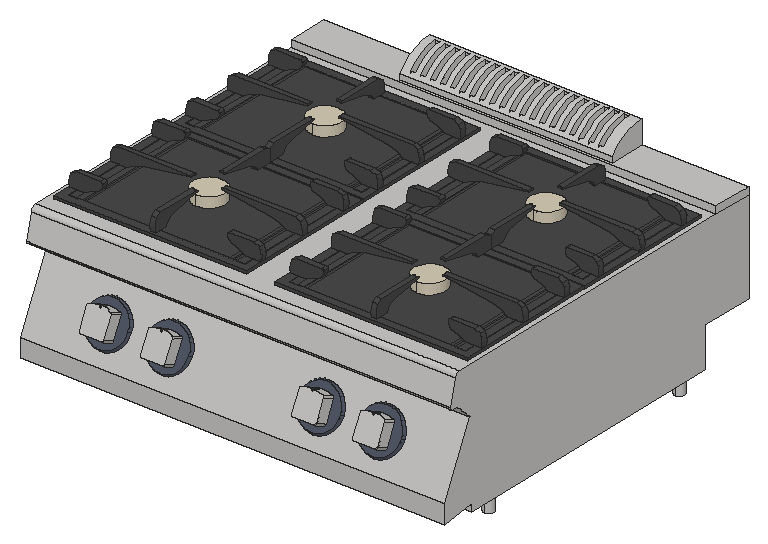
Revit family "QF_ZANUSSI_372001_Z7GCGH4C00", category Specialty Equipment, Revit 2018 (continued)
Definition of nested family "QF_372001_BURNER"
  Forms (mm)
    Extrusion 3, solid
      sketch origin (0, -275, 5) x (1, 0, 0) y (0, 0, 1)
        loop
          line (65.851, 879.425) -> (19.961, 879.425) -> (9.748, 874.663)
          arc (9.748, 874.663) -> (6.705, 862.948) -> (7.056, 850.85) r 42.876
          line (7.056, 850.85) -> (36.589, 850.85)
          arc (36.589, 850.85) -> (50.096, 858.731) -> (64.816, 864.012) r 85.245
        loop
          arc (310.184, 864.012) -> (324.904, 858.731) -> (338.411, 850.85) r 85.245
          line (338.411, 850.85) -> (367.944, 850.85)
          arc (367.944, 850.85) -> (368.295, 862.948) -> (365.252, 874.663) r 42.876
          line (365.252, 874.663) -> (355.039, 879.425) -> (309.149, 879.425)
          arc (309.149, 879.425) -> (306.423, 878.352) -> (305.159, 875.709) r 4
          arc (305.159, 875.709) -> (306.25, 869.25) -> (310.184, 864.012) r 13.87
      from 127.064 to 137.064
    Extrusion 4, solid
      sketch origin (454.964, -29.48, 5) x (0, -1, 0) y (0, 0, 1)
        loop
          arc (366.649, 850.85) -> (375.927, 861.743) -> (389.337, 866.736) r 28.426
          line (389.337, 866.736) -> (441.256, 877.043)
          arc (441.256, 877.043) -> (442.283, 878.312) -> (441.089, 879.425) r 1.197
          line (441.089, 879.425) -> (347.797, 879.425)
          arc (347.797, 879.425) -> (343.211, 875.934) -> (337.583, 874.694) r 13.39
          line (337.583, 874.694) -> (337.583, 850.85) -> (366.649, 850.85)
        loop
          arc (606.236, 850.85) -> (606.587, 862.948) -> (603.543, 874.663) r 42.876
          line (603.543, 874.663) -> (593.33, 879.425) -> (509.077, 879.425)
          arc (509.077, 879.425) -> (507.883, 878.312) -> (508.911, 877.043) r 1.197
          line (508.911, 877.043) -> (560.83, 866.736)
          arc (560.83, 866.736) -> (574.239, 861.743) -> (583.518, 850.85) r 28.426
          line (583.518, 850.85) -> (606.236, 850.85)
      from 262.464 to 272.464
    Extrusion 5, solid
      sketch origin (0, 0, 850.85) x (0, -1, 0) y (1, 0, 0)
        loop
          line (642.216, 6.433) -> (642.216, 368.567) -> (367.857, 368.567) -> (367.857, 6.433) -> (642.216, 6.433)
        loop
          line (382.857, 21.433) -> (627.216, 21.433) -> (627.216, 353.567) -> (382.857, 353.567) -> (382.857, 21.433)
      from 0 to 5
    Extrusion 6, solid
      sketch origin (-12.5, 0, 855.85) x (0, -1, 0) y (1, 0, 0)
        loop
          circle (504.356, 200) r 30
      from -1.321 to 17.134
    Extrusion 7, solid
      sketch origin (0, -734.127, 0) x (1, 0, 0) y (0, 0, -1)
        loop
          line (21.433, -855.85) -> (36.589, -855.85)
          arc (36.589, -855.85) -> (40.561, -855.243) -> (44.305, -853.783) r 18.259
          arc (44.305, -853.783) -> (45.997, -853.366) -> (47.69, -853.783) r 3.649
          arc (47.69, -853.783) -> (49.901, -854.522) -> (52.232, -854.529) r 7.328
          line (52.232, -854.529) -> (322.768, -854.529)
          arc (322.768, -854.529) -> (325.099, -854.522) -> (327.31, -853.783) r 7.328
          arc (327.31, -853.783) -> (329.003, -853.366) -> (330.695, -853.783) r 3.649
          arc (330.695, -853.783) -> (334.439, -855.243) -> (338.411, -855.85) r 18.259
          line (338.411, -855.85) -> (353.567, -855.85) -> (353.567, -850.85) -> (21.433, -850.85) -> (21.433, -855.85)
      from 106.911 to 351.27
  Lines and regions (mm)
    symbolic lines
      curve 1: line (6.433, -642.216, 150) -> (368.567, -642.216, 150)
      curve 2: line (6.433, -367.857, 150) -> (6.433, -642.216, 150)
      curve 3: line (368.567, -367.857, 150) -> (192.5, -367.857, 150)
      curve 4: line (368.567, -642.216, 150) -> (368.567, -367.857, 150)
      curve 5: line (353.567, -382.857, 150) -> (192.5, -382.857, 150)
      curve 6: line (353.567, -627.216, 150) -> (353.567, -607.064, 150)
      curve 7: line (21.433, -627.216, 150) -> (182.5, -627.216, 150)
      curve 8: line (21.433, -382.857, 150) -> (21.433, -402.064, 150)
      curve 9: line (52.232, -627.216, 150) -> (52.232, -607.064, 150)
      curve 10: line (322.567, -382.857, 150) -> (322.567, -402.064, 150)
      curve 11: line (148.125, -499.564, 150) -> (148.125, -382.857, 150)
      curve 12: line (154.375, -382.857, 150) -> (154.375, -499.564, 150)
      curve 13: arc (148.297, -509.564, 150) -> (159.191, -533.254, 150) -> (182.5, -544.942, 150) r 39.375
      curve 14: arc (220.42, -509.564, 150) -> (211.39, -528.832, 150) -> (192.5, -538.631, 150) r 33.125
      curve 15: line (220.625, -382.857, 150) -> (220.625, -499.564, 150)
      curve 16: line (226.875, -499.564, 150) -> (226.875, -382.857, 150)
      curve 17: line (192.5, -636.339, 150) -> (192.5, -535.619, 150)
      curve 18: arc (182.657, -474.75, 150) -> (166.195, -483.236, 150) -> (157.853, -499.771, 150) r 30
      curve 19: arc (192.224, -533.982, 150) -> (208.621, -525.661, 150) -> (217.084, -509.337, 150) r 30
      curve 20: line (368.567, -597.064, 150) -> (305.159, -597.064, 150)
      curve 21: line (6.433, -607.064, 150) -> (69.841, -607.064, 150)
      curve 22: line (6.433, -509.564, 150) -> (156.429, -509.564, 150)
      curve 23: line (368.567, -499.564, 150) -> (218.571, -499.564, 150)
      curve 24: line (6.433, -412.064, 150) -> (69.841, -412.064, 150)
      curve 25: line (368.567, -402.064, 150) -> (305.159, -402.064, 150)
      curve 26: line (69.841, -597.064, 150) -> (6.433, -597.064, 150)
      curve 27: line (305.159, -607.064, 150) -> (368.567, -607.064, 150)
      curve 28: line (69.841, -402.064, 150) -> (6.433, -402.064, 150)
      curve 29: line (305.159, -412.064, 150) -> (368.567, -412.064, 150)
      curve 30: arc (69.841, -597.064, 150) -> (74.841, -602.064, 150) -> (69.841, -607.064, 150) r 5
      curve 31: arc (305.159, -607.064, 150) -> (300.159, -602.064, 150) -> (305.159, -597.064, 150) r 5
      curve 32: arc (69.841, -402.064, 150) -> (74.841, -407.064, 150) -> (69.841, -412.064, 150) r 5
      curve 33: arc (305.159, -412.064, 150) -> (300.159, -407.064, 150) -> (305.159, -402.064, 150) r 5
      curve 34: line (21.433, -412.064, 150) -> (21.433, -499.564, 150)
      curve 35: line (52.232, -402.064, 150) -> (52.232, -382.857, 150)
      curve 36: line (21.433, -509.564, 150) -> (21.433, -597.064, 150)
      curve 37: line (52.232, -499.564, 150) -> (52.232, -412.064, 150)
      curve 38: line (52.232, -597.064, 150) -> (52.232, -509.564, 150)
      curve 39: line (21.433, -607.064, 150) -> (21.433, -627.216, 150)
      curve 40: line (322.567, -607.064, 150) -> (322.567, -627.216, 150)
      curve 41: line (353.567, -597.064, 150) -> (353.567, -509.564, 150)
      curve 42: line (322.567, -509.564, 150) -> (322.567, -597.064, 150)
      curve 43: line (353.567, -499.564, 150) -> (353.567, -412.064, 150)
      curve 44: line (353.567, -402.064, 150) -> (353.567, -382.857, 150)
      curve 45: line (322.567, -412.064, 150) -> (322.567, -499.564, 150)
      curve 46: line (156.429, -499.564, 150) -> (6.433, -499.564, 150)
      curve 47: line (218.571, -509.564, 150) -> (368.567, -509.564, 150)
      curve 48: arc (218.571, -499.564, 150) -> (213.571, -504.564, 150) -> (218.571, -509.564, 150) r 5
      curve 49: arc (156.429, -499.564, 150) -> (161.429, -504.564, 150) -> (156.429, -509.564, 150) r 5
      curve 50: arc (157.916, -509.337, 150) -> (166.379, -525.661, 150) -> (182.776, -533.982, 150) r 30
      curve 51: arc (217.147, -499.771, 150) -> (208.805, -483.236, 150) -> (192.343, -474.75, 150) r 30
      curve 52: line (182.5, -535.619, 150) -> (182.5, -636.339, 150)
      curve 53: line (192.5, -473.508, 150) -> (192.5, -367.064, 150)
      curve 54: arc (192.5, -535.619, 150) -> (187.5, -530.619, 150) -> (182.5, -535.619, 150) r 5
      curve 55: arc (192.5, -473.508, 150) -> (187.5, -478.508, 150) -> (182.5, -473.508, 150) r 5
      curve 56: line (182.5, -367.857, 150) -> (6.433, -367.857, 150)
      curve 57: line (182.5, -382.857, 150) -> (21.433, -382.857, 150)
      curve 58: arc (192.5, -404.571, 150) -> (196.398, -417.071, 150) -> (192.5, -429.571, 150) r 21.993
      curve 59: arc (196.181, -420.148, 150) -> (199.482, -417.071, 150) -> (196.181, -413.995, 150) r 3.084
      curve 60: arc (182.5, -404.571, 150) -> (178.602, -417.071, 150) -> (182.5, -429.571, 150) r 21.993
      curve 61: arc (178.819, -420.148, 150) -> (175.518, -417.071, 150) -> (178.819, -413.995, 150) r 3.084
      curve 62: line (182.5, -367.064, 150) -> (182.5, -473.508, 150)
      curve 63: arc (182.5, -538.631, 150) -> (163.61, -528.832, 150) -> (154.58, -509.564, 150) r 33.125
      curve 64: arc (192.5, -544.942, 150) -> (215.809, -533.254, 150) -> (226.703, -509.564, 150) r 39.375
      curve 65: line (182.5, -636.339, 150) -> (192.5, -636.339, 150)
      curve 66: line (182.5, -377.277, 150) -> (192.5, -377.277, 150)
      curve 67: line (182.5, -367.064, 150) -> (192.5, -367.064, 150)
      curve 68: line (192.5, -627.216, 150) -> (353.567, -627.216, 150)
  Dimensions and locks
    equal spacing: plane 3 "LEFT", plane 7 "Center Y", plane 4 "RIGHT"
    plane 3 "LEFT" to plane 4 "RIGHT" = 800 mm
    equal spacing: plane 5 "FRONT", plane 8 "Center X", plane 1 "BACK"
    plane 5 "FRONT" to plane 1 "BACK" = 700 mm
    plane 6 "TOP" to level = 908.85 mm
    plane 9 "Base" to level = 150 mm
    plane 6 "TOP" to plane 10 = 58 mm  (x2)
    aligned and locked: level to plane 2
  Automatic sketch dimensions
    Extrusion 5 sketch curve to Extrusion 5 sketch curve = 15 mm  (x2)
    Extrusion 5 sketch curve to Extrusion 5 sketch curve = 332.134 mm
    plane 3 "LEFT" to Extrusion 2 sketch curve = 7.056 mm
    plane 3 "LEFT" to Extrusion 2 sketch curve = 9.748 mm
    Extrusion 2 sketch curve to Extrusion 2 sketch curve = 10.213 mm  (x2)
    plane 10 to Extrusion 2 sketch curve = 5 mm  (x2)
    Extrusion 2 sketch curve to Extrusion 2 sketch curve = 29.533 mm
    Extrusion 2 sketch curve to Extrusion 2 sketch curve = 12.72 mm  (x2)
    Extrusion 2 sketch curve to Extrusion 2 sketch curve = 6.697 mm
    Extrusion 2 sketch curve to Extrusion 2 sketch curve = 8.81 mm
    Extrusion 2 sketch curve to Extrusion 2 sketch curve = 9.845 mm  (x2)
    Extrusion 2 sketch curve to Extrusion 2 sketch curve = 3.99 mm  (x2)
    Extrusion 2 sketch curve to Extrusion 2 sketch curve = 0 mm  (x2)
    Extrusion 2 sketch curve to Extrusion 2 sketch curve = 36.813 mm
    Extrusion 2 sketch curve to plane 7 "Center Y" = 111.122 mm
    Extrusion 2 sketch curve to plane 6 "TOP" = 28.141 mm
    Extrusion 2 sketch curve to plane 7 "Center Y" = 94.841 mm
    Extrusion 2 sketch curve to Extrusion 2 sketch curve = 1.035 mm
    Extrusion 2 sketch curve to Extrusion 2 sketch curve = 15.507 mm
    Extrusion 2 sketch curve to Extrusion 2 sketch curve = 16.628 mm
    Extrusion 2 sketch curve to Extrusion 2 sketch curve = 2.692 mm
    Extrusion 2 sketch curve to plane 6 "TOP" = 24.425 mm
    Extrusion 2 sketch curve to Extrusion 2 sketch curve = 28.575 mm
    Extrusion 2 sketch curve to Extrusion 2 sketch curve = 3.716 mm
    Extrusion 2 sketch curve to Extrusion 2 sketch curve = 4.763 mm  (x2)
    plane 3 "LEFT" to Extrusion 1 sketch curve = 7.142 mm
    plane 3 "LEFT" to Extrusion 1 sketch curve = 9.761 mm
    Extrusion 1 sketch curve to Extrusion 1 sketch curve = 10.201 mm  (x2)
    plane 10 to Extrusion 1 sketch curve = 5 mm  (x2)
    Extrusion 1 sketch curve to Extrusion 1 sketch curve = 29.447 mm
    Extrusion 1 sketch curve to Extrusion 1 sketch curve = 12.704 mm  (x2)
    Extrusion 1 sketch curve to Extrusion 1 sketch curve = 15.555 mm  (x2)
    Extrusion 1 sketch curve to Extrusion 1 sketch curve = 36.829 mm
    Extrusion 1 sketch curve to plane 6 "TOP" = 24.425 mm  (x2)
    Extrusion 1 sketch curve to Extrusion 1 sketch curve = 92.491 mm
    Extrusion 1 sketch curve to plane 6 "TOP" = 26.807 mm  (x2)
    Extrusion 1 sketch curve to Extrusion 1 sketch curve = 0.167 mm  (x2)
    Extrusion 1 sketch curve to Extrusion 1 sketch curve = 59.988 mm
    Extrusion 1 sketch curve to plane 7 "Center Y" = 111.122 mm
    plane 10 to Extrusion 1 sketch curve = 18.171 mm
    Extrusion 1 sketch curve to Extrusion 1 sketch curve = 21.274 mm
    Extrusion 1 sketch curve to Extrusion 1 sketch curve = 16.628 mm
    Extrusion 1 sketch curve to Extrusion 1 sketch curve = 2.618 mm
    Extrusion 1 sketch curve to Extrusion 1 sketch curve = 4.673 mm  (x2)
    Extrusion 1 sketch curve to Extrusion 1 sketch curve = 5.694 mm
    plane 3 "LEFT" to Extrusion 3 sketch curve = 7.056 mm
    plane 3 "LEFT" to Extrusion 3 sketch curve = 9.748 mm
    Extrusion 3 sketch curve to Extrusion 3 sketch curve = 10.213 mm  (x2)
    plane 10 to Extrusion 3 sketch curve = 5 mm  (x2)
    Extrusion 3 sketch curve to Extrusion 3 sketch curve = 29.533 mm
    Extrusion 3 sketch curve to Extrusion 3 sketch curve = 12.72 mm  (x2)
    Extrusion 3 sketch curve to Extrusion 3 sketch curve = 6.697 mm
    Extrusion 3 sketch curve to Extrusion 3 sketch curve = 8.81 mm
    Extrusion 3 sketch curve to Extrusion 3 sketch curve = 9.845 mm  (x2)
    Extrusion 3 sketch curve to Extrusion 3 sketch curve = 3.99 mm  (x2)
    Extrusion 3 sketch curve to Extrusion 3 sketch curve = 0 mm  (x2)
    Extrusion 3 sketch curve to Extrusion 3 sketch curve = 36.813 mm
    Extrusion 3 sketch curve to plane 7 "Center Y" = 111.122 mm
    Extrusion 3 sketch curve to plane 6 "TOP" = 28.141 mm
    Extrusion 3 sketch curve to plane 7 "Center Y" = 94.841 mm
    Extrusion 3 sketch curve to Extrusion 3 sketch curve = 1.035 mm
    Extrusion 3 sketch curve to Extrusion 3 sketch curve = 15.507 mm
    Extrusion 3 sketch curve to Extrusion 3 sketch curve = 16.628 mm
    Extrusion 3 sketch curve to Extrusion 3 sketch curve = 2.692 mm
    Extrusion 3 sketch curve to plane 10 = 64.377 mm  (x2)
    plane 10 to Extrusion 3 sketch curve = 12.281 mm  (x2)
    Extrusion 3 sketch curve to Extrusion 3 sketch curve = 10.713 mm
    Extrusion 5 to Extrusion 6 sketch curve = 121.499 mm
    Extrusion 5 to Extrusion 6 sketch curve = 166.067 mm
    plane 3 "LEFT" to Extrusion 5 sketch curve = 21.433 mm
    Extrusion 5 sketch curve to plane 5 "FRONT" = 72.784 mm
    plane 3 "LEFT" to Extrusion 7 sketch curve = 21.433 mm
    Extrusion 7 sketch curve to Extrusion 7 sketch curve = 14.402 mm
    plane 10 to Extrusion 7 sketch curve = 5 mm
    plane 10 to Extrusion 7 sketch curve = 2.933 mm  (x4)
    Extrusion 7 sketch curve to Extrusion 7 sketch curve = 7.716 mm  (x2)
    Extrusion 7 sketch curve to Extrusion 7 sketch curve = 0 mm  (x2)
    Extrusion 7 sketch curve to Extrusion 7 sketch curve = 1.692 mm  (x2)
    Extrusion 7 sketch curve to Extrusion 7 sketch curve = 3.385 mm  (x2)
    Extrusion 7 sketch curve to plane 10 = 3.559 mm  (x2)
    Extrusion 7 sketch curve to Extrusion 7 sketch curve = 302.478 mm
    Extrusion 7 sketch curve to Extrusion 7 sketch curve = 15.253 mm
    Extrusion 7 sketch curve to Extrusion 7 sketch curve = 15.156 mm  (x2)
    Extrusion 7 sketch curve to Extrusion 7 sketch curve = 3.233 mm
    Extrusion 7 sketch curve to plane 10 = 0 mm
    Extrusion 7 sketch curve to plane 7 "Center Y" = 77.232 mm
    Extrusion 5 sketch curve to plane 8 "Center X" = 32.857 mm
    plane 3 "LEFT" to Extrusion 5 sketch curve = 6.433 mm
    plane 1 "BACK" to Extrusion 5 sketch curve = 367.857 mm
    plane 10 to Extrusion 4 sketch curve = 5 mm  (x2)
    Extrusion 4 sketch curve to Extrusion 4 sketch curve = 29.066 mm
    Extrusion 4 sketch curve to Extrusion 4 sketch curve = 22.688 mm
    Extrusion 4 sketch curve to plane 10 = 7.392 mm  (x2)
    Extrusion 4 sketch curve to Extrusion 4 sketch curve = 25.583 mm
    Extrusion 4 sketch curve to plane 6 "TOP" = 24.425 mm  (x2)
    Extrusion 4 sketch curve to Extrusion 4 sketch curve = 51.752 mm
    Extrusion 4 sketch curve to Extrusion 4 sketch curve = 0.167 mm  (x2)
    Extrusion 4 sketch curve to plane 6 "TOP" = 26.807 mm
    Extrusion 4 sketch curve to Extrusion 4 sketch curve = 67.655 mm
    Extrusion 4 sketch curve to Extrusion 4 sketch curve = 49.024 mm
    Extrusion 4 sketch curve to Extrusion 4 sketch curve = 2.895 mm
    Extrusion 4 sketch curve to Extrusion 4 sketch curve = 3.153 mm
    Extrusion 4 sketch curve to Extrusion 4 sketch curve = 19.535 mm
    Extrusion 4 sketch curve to Extrusion 4 sketch curve = 9.813 mm
    Extrusion 4 sketch curve to Extrusion 4 sketch curve = 10.213 mm
    Extrusion 4 sketch curve to Extrusion 4 sketch curve = 22.718 mm
    Extrusion 4 sketch curve to Extrusion 4 sketch curve = 8.605 mm
    Extrusion 4 sketch curve to Extrusion 4 sketch curve = 4.731 mm
    Extrusion 4 sketch curve to Extrusion 4 sketch curve = 2.382 mm
    Extrusion 4 sketch curve to Extrusion 4 sketch curve = 8.658 mm
    Extrusion 4 sketch curve to plane 8 "Center X" = 17.064 mm
    curve 13 to curve 14 = 0 mm  (x2)
    curve 13 to curve 63 = 0 mm  (x2)
    curve 13 to curve 64 = 0 mm  (x2)
    curve 18 to curve 19 = 0 mm  (x2)
    curve 18 to curve 50 = 0 mm  (x2)
    curve 18 to curve 51 = 0 mm  (x2)
    curve 25 to plane 7 "Center Y" = 31.433 mm
    curve 3 to curve 44 = 15 mm
    curve 43 to curve 44 = 0 mm
    curve 1 to curve 68 = 15 mm
    curve 41 to curve 43 = 0 mm
    curve 6 to curve 40 = 31 mm
    curve 41 to curve 42 = 31 mm
    curve 43 to curve 45 = 31 mm
    curve 10 to curve 45 = 0 mm
    curve 40 to curve 27 = 17.408 mm
    curve 45 to curve 29 = 17.408 mm
    curve 16 to curve 64 = 0.172 mm
    curve 16 to curve 15 = 6.25 mm
    curve 64 to curve 14 = 6.283 mm
    curve 15 to curve 23 = 2.054 mm
    curve 23 to curve 51 = 1.424 mm
    curve 47 to curve 19 = 1.487 mm
    curve 15 to curve 60 = 20.029 mm
    curve 60 to curve 59 = 4.198 mm
    curve 59 to curve 59 = 0.216 mm  (x2)
    curve 19 to curve 64 = 24.584 mm
    curve 55 to curve 51 = 0.157 mm
    curve 54 to curve 19 = 0.276 mm
    curve 19 to curve 64 = 4.724 mm
    curve 18 to curve 13 = 0 mm
    curve 54 to curve 54 = 5 mm
    curve 50 to curve 54 = 0.276 mm
    curve 18 to curve 55 = 0.157 mm
    curve 60 to curve 61 = 3.681 mm
    curve 61 to curve 61 = 0 mm
    curve 61 to curve 61 = 0.216 mm
    curve 61 to curve 58 = 4.198 mm
    curve 13 to curve 50 = 29.584 mm
    curve 50 to curve 18 = 0.064 mm
    curve 50 to curve 22 = 1.487 mm
    curve 22 to curve 63 = 1.849 mm
    curve 49 to curve 12 = 2.054 mm
    curve 63 to curve 13 = 6.283 mm
    curve 12 to curve 11 = 6.25 mm
    plane 3 "LEFT" to curve 30 = 69.841 mm
    plane 3 "LEFT" to curve 28 = 69.841 mm
    plane 3 "LEFT" to curve 38 = 52.232 mm
    curve 24 to curve 37 = 17.609 mm
    curve 9 to curve 38 = 0 mm
    curve 28 to curve 35 = 17.609 mm
    plane 3 "LEFT" to curve 39 = 21.433 mm
    plane 3 "LEFT" to curve 8 = 21.433 mm
    curve 34 to curve 8 = 0 mm
    curve 36 to curve 34 = 0 mm
    plane 3 "LEFT" to curve 21 = 6.433 mm
    curve 67 to curve 56 = 0.794 mm
    curve 67 to curve 3 = 0.794 mm
    curve 56 to curve 66 = 9.419 mm
    curve 10 to curve 33 = 19.206 mm
    curve 8 to curve 8 = 19.206 mm
    curve 57 to curve 60 = 21.714 mm
    curve 60 to curve 58 = 0 mm
    curve 28 to curve 32 = 5 mm
    curve 33 to curve 33 = 5 mm
    curve 58 to curve 59 = 9.423 mm
    curve 61 to curve 58 = 3.077 mm
    curve 60 to curve 62 = 43.937 mm
    curve 51 to curve 15 = 24.814 mm
    curve 23 to curve 51 = 0.207 mm
    curve 18 to curve 13 = 1.529 mm
    curve 38 to curve 38 = 87.5 mm
    curve 42 to curve 31 = 87.5 mm
    curve 26 to curve 30 = 5 mm
    curve 31 to curve 31 = 5 mm
    curve 9 to curve 9 = 20.152 mm
    curve 65 to plane 5 "FRONT" = 63.661 mm
    curve 6 to curve 4 = 15 mm
    curve 55 to curve 55 = 5 mm
    curve 53 to curve 18 = 5 mm
    curve 45 to curve 16 = 95.692 mm
    curve 2 to curve 57 = 15 mm
    curve 10 to plane 8 "Center X" = 32.857 mm
    curve 57 to plane 8 "Center X" = 32.857 mm
    curve 6 to curve 68 = 20.152 mm
    radius of Extrusion 6 sketch curve = 30 mm
